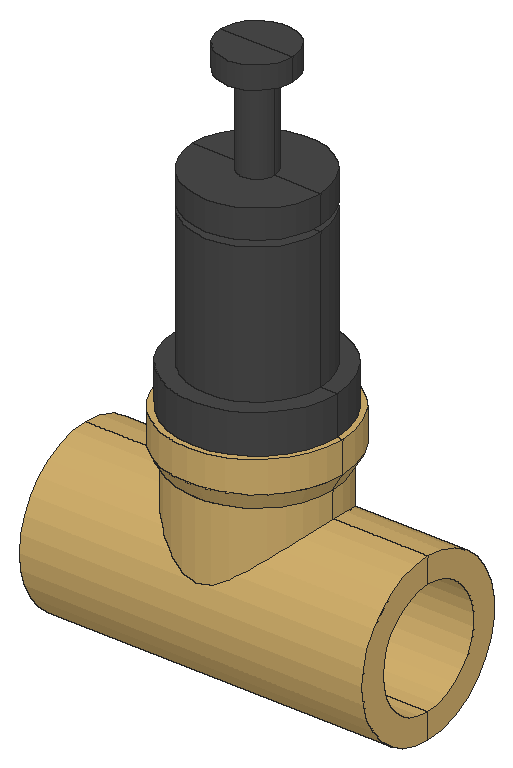
Revit family "Pressure_Reducing_Valves-Acorn-Controls-RV03S0_Series", category Pipe Accessories, Revit 2019
Family settings
  Round Connector Dimension = Use Diameter
  Part Type = Valve - Breaks Into
  OmniClass Number = 23.65.55.14.17
  OmniClass Title = Adjusting/Controlling Valves for Liquid Services
  Work Plane-Based = No
  Always vertical = Yes
  Cut with Voids When Loaded = No
  Shared = No
Parameters (values of type "RV03S0-1000")
  cUPC Compliant = yes
  Valve Size = 1/2"
  URL = "https://www.acorneng.com/acorn-controls-tempering-valves"
  Temperature Rating = "180°F (82.2°C)"
  SH Steel HP - High Pressure Spring = no
  S0 Steel = yes
  Pressure Rating = "400 PSI (2758 kPa)"
  PH Plastic HP - High Pressure Spring = no
  P0 Plastic = no
  Model = "RV03S0-1000"
  Manufacturer = "Acorn"
  IAPMO Compliance = "Comply with the national lead-free law, ASSE 1003 & NSF-61."  # constant formula
  Factory Preset = "50±5 PSI (345kPa)"
  E Dimension = 4 3/4"
  Description = "Pressure Reducing Valves"  # constant formula
  D Dimension = 1 5/8"
  Creation Date = "09/08/2022"  # constant formula
  Connection Outlet Description = "1/2\" Outlet Connection"
  Connection Inlet Description = "1/2\" Inlet Connection"
  Bonnet Material = Metal-Acorn-UV Resistant Material
  Body Material = Metal-Acorn-Lead Free Brass
  Assembly Code = "D2090900"
  Adjustable Pressure Range = "10-75 PSI (69-517 kPa)"
  A Dimension = 3 3/8"
Types (7): name | Valve Size | Model | E Dimension | D Dimension | Connection Outlet Description | Connection Inlet Description | A Dimension
  (no name) | 1/2" | "RV03S0-1000" | 4 3/4" | 1 5/8" | "1/2\" Outlet Connection" | "1/2\" Inlet Connection" | 3 3/8"
  RV03S0-1000 | 1/2" | "RV03S0-1000" | 4 3/4" | 1 5/8" | "1/2\" Outlet Connection" | "1/2\" Inlet Connection" | 3 3/8"
  RV03S0-2000 | 3/4" | "RV03S0-2000" | 4 3/4" | 1 5/8" | "3/4\" Outlet Connection" | "3/4\" Inlet Connection" | 3 3/8"
  RV03S0-3000 | 1" | "RV03S0-3000" | 5 1/2" | 1 7/8" | "1\" Outlet Connection" | "1\" Inlet Connection" | 3 7/8"
  RV03S0-4000 | 1 1/4" | "RV03S0-4000" | 8 1/8" | 2 3/8" | "1 1/4\" Outlet Connection" | "1 1/4\" Inlet Connection" | 5"
  RV03S0-5000 | 1 1/2" | "RV03S0-5000" | 8 1/8" | 2 7/8" | "1 1/2\" Outlet Connection" | "1 1/2\" Inlet Connection" | 5"
  RV03S0-6000 | 2" | "RV03S0-6000" | 8 1/8" | 3 1/2" | "2 Outlet Connection" | "2 Inlet Connection" | 5"
Reference planes (in)
  plane 1 "Center (Front/Back)": y = 0
  plane 2: z = 0
  plane 3 "Center (Left/Right)": x = 0
  plane 4: y = 0.8125
  plane 5: y = -0.8125
  plane 6: x = 1.6875
  plane 7: x = -1.6875
  plane 8: z = 4.75
  plane 9: z = 0.8125
  plane 10: z = -0.8125
Forms (in)
  Revolve 1, solid, material "Metal-Acorn-Lead Free Brass" <- "Body Material"
    sketch origin (0, 0, 0) x (1, 0, 0) y (0, 0, 1)
      loop
        line (-1.6875, 0.5625) -> (1.6875, 0.5625) -> (1.6875, 0.8125) -> (-1.6875, 0.8125) -> (-1.6875, 0.5625)
      axis (1.6875, 0) -> (-1.6875, 0)
    angle from 0 to 360
  Revolve 2, solid, material "Metal-Acorn-UV Resistant Material" <- "Bonnet Material"
    sketch origin (0, 0, 0) x (1, 0, 0) y (0, 0, 1)
      loop
        line (0, 4.75) -> (0, 0) -> (0.75, 0) -> (0.75, 1.06306) -> (0.85037, 1.23692) -> (0.85037, 1.5473) -> (0.79481, 1.5473) -> (0.79481, 1.93135) -> (0.62979, 1.93135) -> (0.62979, 3.29866) -> (0.37979, 3.29866) -> (0.37979, 3.36087) -> (0.62979, 3.36087) -> (0.62979, 3.64191) -> (0.17243, 3.64191) -> (0.17243, 4.52928) -> (0.35361, 4.52928) -> (0.35361, 4.75) -> (0, 4.75)
      axis (0, 4.75) -> (0, 0)
    angle from 0 to 360
Dimensions and locks (in)
  plane 4 to plane 5 = 1 5/8"
  equal spacing: plane 4, plane 1 "Center (Front/Back)", plane 5
  equal spacing: plane 7, plane 3 "Center (Left/Right)", plane 6
  "A Dimension": plane 7 to plane 6
  "E Dimension": plane 8 to level
  equal spacing: plane 5, plane 1 "Center (Front/Back)", plane 4
  "D Dimension": plane 5 to plane 4
  locked: plane 8 to Revolve 2 sketch curve at 0.22072
  equal spacing: plane 9, level, plane 10
  "D Dimension": plane 9 to plane 10
  locked: plane 9 to Revolve 1 sketch curve at 0.25
  aligned and locked: level to Revolve 1 sketch curve
  aligned and locked: Revolve 1 sketch curve to plane 6
  aligned and locked: Revolve 1 sketch curve to plane 7
  aligned and locked: Revolve 2 sketch curve to plane 3 "Center (Left/Right)"
  aligned and locked: plane 8 to Revolve 2 sketch curve
  aligned and locked: Revolve 1 sketch curve to plane 9
Automatic sketch dimensions
  Revolve 2 sketch curve to plane 3 "Center (Left/Right)" = 0"
  Revolve 2 sketch curve to level = 0"
  plane 3 "Center (Left/Right)" to Revolve 2 sketch curve = 0.17243"
  Revolve 2 sketch curve to Revolve 2 sketch curve = 0.18118"
  plane 3 "Center (Left/Right)" to Revolve 2 sketch curve = 0.37979"
  Revolve 2 sketch curve to Revolve 2 sketch curve = 1/4"
  Revolve 2 sketch curve to Revolve 2 sketch curve = 0"
  plane 3 "Center (Left/Right)" to Revolve 2 sketch curve = 3/4"
  Revolve 2 sketch curve to Revolve 2 sketch curve = 0.16502"
  Revolve 2 sketch curve to Revolve 2 sketch curve = 0.10037"
  Revolve 2 sketch curve to Revolve 2 sketch curve = 0.17385"
  Revolve 2 sketch curve to Revolve 2 sketch curve = 0.38405"
  Revolve 2 sketch curve to Revolve 2 sketch curve = 1 1/4"
  Revolve 2 sketch curve to level = 3"
  plane 9 to Revolve 2 sketch curve = 0.25056"
  plane 9 to Revolve 2 sketch curve = 0.7348"
  plane 9 to Revolve 2 sketch curve = 2.48616"
  Revolve 2 sketch curve to Revolve 2 sketch curve = 0.06222"
  Revolve 2 sketch curve to Revolve 2 sketch curve = 0.28104"
  plane 7 to Revolve 1 sketch curve = 1 7/8"
  plane 6 to Revolve 1 sketch curve = 2 3/4"
Connectors (in)
  piping at (-1.6875, 0, 0), diameter 0.5, driven by "Valve Size", driven by "Connection Inlet Description"
    settings: on Revolve 1, index 1, connector inside diameter 24", connector length 0", flow factor 0, pipe flow 0 GPM, pressure drop 0.00 psi, fitting loss kfactor 0, connector angle 0.00°, fixture units 0, engagement length 0", angle of deflection 0.00°, flow configuration 0, flow direction 1, fitting loss method 0, system type 29, joint type 0, gender type 0, connector reference index -1, connector utility 0, adjustable connector no, is connector primary yes, connector description "1/2\" Inlet Connection"
  piping at (1.6875, 0, 0), diameter 0.5, driven by "Valve Size", driven by "Connection Outlet Description"
    settings: on Revolve 1, index 2, connector inside diameter 24", connector length 0", flow factor 0, pipe flow 0 GPM, pressure drop 0.00 psi, fitting loss kfactor 0, connector angle 0.00°, fixture units 0, engagement length 0", angle of deflection 0.00°, flow configuration 0, flow direction 2, fitting loss method 0, system type 29, joint type 0, gender type 0, connector reference index -1, connector utility 0, adjustable connector no, is connector primary no, connector description "1/2\" Outlet Connection"
